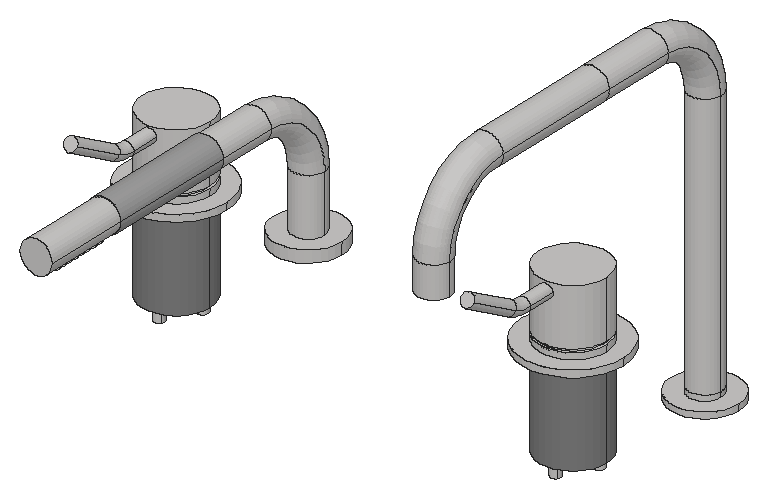
Revit family "500MT1-590M", category Generic Models, Revit 2021
Family settings
  Can host rebar = No
  Round Connector Dimension = Use Diameter
  Part Type = Normal
  Work Plane-Based = No
  Always vertical = Yes
  Cut with Voids When Loaded = No
  Shared = No
  Room Calculation Point = No
Parameters (values of type "Standard")
  e-mail = "info@vola.com"
  URL = "http://vola.com"
  Telephone = "+45 7023 5500"
  Quality management standard = "ISO 9001"
  Organisation no. / DUNS no. = "17531328"
  Occupational health and safety management standard = "ISO 18001"
  Mounting Instructions = "http://vola.com/service/producturl.ashx?name=500MT1-590M"
  Model = "500MT1-590M"
  Materials and components information = "http://vola.com/service/producturl.ashx?name=500MT1-590M"
  Manufacturer = "VOLA A/S"
  Maintenance Instructions = "http://vola.com/service/producturl.ashx?name=500MT1-590M"
  Guarantee = "2 years"
  Flow = "11,00 l/min"
  Environmental management standard = "ISO 14000"
  Default Elevation = 0.00 mm
  Connection - All relevant connections = "10mm flexible hose"
  Approvals = "http://vola.com/service/producturl.ashx?name=500MT1-590M"
Reference planes
  plane 1 "Center (Front/Back)": y = 0
  plane 2: z = 0
  plane 3 "Center (Left/Right)": x = 0
Dimensions and locks
  aligned and locked: plane 2 to level
Nested families
  nested 1: "T1" at (0, 0, 0), type "T1"
  nested 2: "500M" at (-78, 0, 0), type "500M"
  nested 3: "090" at (234, 0, 0), type "090"
  nested 4: "500M" at (156, 0, 0), type "500M"
Connectors
  piping at (-67.175, 6.25, -63), diameter 6
    settings: on nested 2, index 1, connector inside diameter 0.23622", connector length 0.00 mm, flow factor 0, pipe flow 0 GPM, pressure drop 0.00 psi, fitting loss kfactor 0, connector angle 0.00°, fixture units 0, engagement length 0.00 mm, angle of deflection 0.00°, flow configuration 0, flow direction 1, fitting loss method 0, system type 20, joint type 0, gender type 0, connector reference index -1, connector utility 0, adjustable connector no, is connector primary yes, connector description ""
  piping at (166.825, 6.25, -63), diameter 6
    settings: on nested 4, index 2, connector inside diameter 0.23622", connector length 0.00 mm, flow factor 0, pipe flow 0 GPM, pressure drop 0.00 psi, fitting loss kfactor 0, connector angle 0.00°, fixture units 0, engagement length 0.00 mm, angle of deflection 0.00°, flow configuration 0, flow direction 1, fitting loss method 0, system type 20, joint type 0, gender type 0, connector reference index -1, connector utility 0, adjustable connector no, is connector primary no, connector description ""
  piping at (-88.825, 6.25, -63), diameter 6
    settings: on nested 2, index 3, connector inside diameter 0.23622", connector length 0.00 mm, flow factor 0, pipe flow 0 GPM, pressure drop 0.00 psi, fitting loss kfactor 0, connector angle 0.00°, fixture units 0, engagement length 0.00 mm, angle of deflection 0.00°, flow configuration 0, flow direction 1, fitting loss method 0, system type 19, joint type 0, gender type 0, connector reference index -1, connector utility 0, adjustable connector no, is connector primary no, connector description ""
  piping at (145.175, 6.25, -63), diameter 6
    settings: on nested 4, index 4, connector inside diameter 0.23622", connector length 0.00 mm, flow factor 0, pipe flow 0 GPM, pressure drop 0.00 psi, fitting loss kfactor 0, connector angle 0.00°, fixture units 0, engagement length 0.00 mm, angle of deflection 0.00°, flow configuration 0, flow direction 1, fitting loss method 0, system type 19, joint type 0, gender type 0, connector reference index -1, connector utility 0, adjustable connector no, is connector primary no, connector description ""
Definition of nested family "T1"
  Parameters
    e-mail = "info@vola.com"
    URL = "http://vola.com"
    Telephone = "+45 7023 5500"
    Quality management standard = "ISO 9001"
    Organisation no. / DUNS no. = "17531328"
    Occupational health and safety management standard = "ISO 18001"
    Mounting Instructions = "http://vola.com/service/producturl.ashx?name=T1"
    Model = "T1"
    Materials and components information = "http://vola.com/service/producturl.ashx?name=T1"
    Manufacturer = "VOLA A/S"
    Maintenance Instructions = "http://vola.com/service/producturl.ashx?name=T1"
    Guarantee = "2 years"
    Environmental management standard = "ISO 14000"
    Default Elevation = 0.00 mm
    Connection - All relevant connections = ""
    Approvals = "http://vola.com/service/producturl.ashx?name=T1"
  Reference planes
    plane 1 "Center (Front/Back)": y = 0
    plane 2: z = 0
    plane 3 "Center (Left/Right)": x = 0
  Forms (mm)
    Extrusion 1, solid
      sketch origin (0, 0, 0) x (1, 0, 0) y (0, 1, 0)
        loop
          circle (0, 0) r 20
      from 0 to 7
    Sweep 2, solid
      path origin (0, 0, 0) x (0, 1, 0) y (0, 0, 1)
        loop
          line (0, 7) -> (0, 40.5)
          arc (0, 40.5) -> (-11.569, 68.431) -> (-39.5, 80) r 39.5
          line (-39.5, 80) -> (-75.5, 80)
      profile origin (0, 0, 23.75) x (0, -1, 0) y (1, 0, 0)
        loop
          circle (0, 0) r 9.5
    Extrusion 3, solid
      sketch origin (0, -75.5, 80) x (1, 0, 0) y (0, 0, 1)
        loop
          circle (0, 0) r 10
      from 0 to 75
    Extrusion 4, solid
      sketch origin (0, -150.5, 80) x (1, 0, 0) y (0, 0, 1)
        loop
          circle (0, 0) r 9.5
      from 0 to 50
    Extrusion 5, solid
      sketch origin (0, 9.25, 62.884) x (1, 0, 0) y (0, 1, 0)
        loop
          circle (0, -200.45) r 1.225
        loop
          circle (0, -195.95) r 1.225
        loop
          circle (0, -191.45) r 1.225
        loop
          circle (0, -186.95) r 1.225
        loop
          circle (0, -182.45) r 1.225
        loop
          circle (0, -177.95) r 1.225
        loop
          circle (0, -173.45) r 1.225
        loop
          circle (0, -168.95) r 1.225
      from 7.116 to 10.217
    Extrusion 6, solid
      sketch origin (8.298, 9.25, 65.03) x (-0.87462, 0, -0.48481) y (0, -1, 0)
        loop
          circle (0, 200.45) r 1.225
        loop
          circle (0, 195.95) r 1.225
        loop
          circle (0, 191.45) r 1.225
        loop
          circle (0, 186.95) r 1.225
        loop
          circle (0, 182.45) r 1.225
        loop
          circle (0, 177.95) r 1.225
        loop
          circle (0, 173.45) r 1.225
        loop
          circle (0, 168.95) r 1.225
      from 7.116 to 10.217
    Extrusion 7, solid
      sketch origin (-8.298, 9.25, 65.03) x (0.87462, 0, -0.48481) y (0, 1, 0)
        loop
          circle (0, -200.45) r 1.225
        loop
          circle (0, -195.95) r 1.225
        loop
          circle (0, -191.45) r 1.225
        loop
          circle (0, -186.95) r 1.225
        loop
          circle (0, -182.45) r 1.225
        loop
          circle (0, -177.95) r 1.225
        loop
          circle (0, -173.45) r 1.225
        loop
          circle (0, -168.95) r 1.225
      from 7.116 to 10.217
  Cuts and joins
    joined: Extrusion 4, Extrusion 5, Extrusion 6, Extrusion 7
  Dimensions and locks
    aligned and locked: plane 2 to level
Definition of nested family "500M"
  Parameters
    e-mail = "info@vola.com"
    URL = "http://vola.com"
    Telephone = "+45 7023 5500"
    Quality management standard = "ISO 9001"
    Organisation no. / DUNS no. = "17531328"
    Occupational health and safety management standard = "ISO 18001"
    Mounting Instructions = "http://vola.com/service/producturl.ashx?name=500M"
    Model = "500M"
    Materials and components information = "http://vola.com/service/producturl.ashx?name=500M"
    Manufacturer = "VOLA A/S"
    Maintenance Instructions = "http://vola.com/service/producturl.ashx?name=500M"
    Guarantee = "2 years"
    Flow = "14,50 l/min"
    Environmental management standard = "ISO 14000"
    Default Elevation = 0.00 mm
    Connection - All relevant connections = "10mm flexible hose"
    Approvals = "http://vola.com/service/producturl.ashx?name=500M"
  Reference planes
    plane 1 "Center (Front/Back)": y = 0
    plane 2: z = 0
    plane 3 "Center (Left/Right)": x = 0
  Forms (mm)
    Extrusion 1, solid
      sketch origin (0, 0, 0) x (1, 0, 0) y (0, 1, 0)
        loop
          circle (0, 0) r 30
      from 0 to 4
    Extrusion 2, solid
      sketch origin (0, 0, 7.5) x (1, 0, 0) y (0, 1, 0)
        loop
          circle (0, 0) r 18.25
      from 0 to 2
    Extrusion 3, solid
      sketch origin (0, 0, 9.5) x (1, 0, 0) y (0, 1, 0)
        loop
          circle (0, 0) r 20
      from 0 to 33.5
    Extrusion 4, solid
      sketch origin (0, 0, 0) x (0, 1, 0) y (1, 0, 0)
        loop
          circle (0, 0) r 20
      from 0 to 55
    Extrusion 5, solid
      sketch origin (0, 0, -55) x (0, 1, 0) y (1, 0, 0)
        loop
          circle (6.25, 10.825) r 3
        loop
          circle (6.25, -10.825) r 3
        loop
          circle (-12.5, 0) r 3
      from 0 to 8
    Extrusion 6, solid
      sketch origin (0, 0, 4) x (1, 0, 0) y (0, 1, 0)
        loop
          circle (0, 0) r 20
      from 0 to 3.5
    Sweep 7, solid
      path origin (0, 0, -79.5) x (0, 1, 0) y (0, 0, 1)
        loop
          line (0, 117.25) -> (-36.379, 117.25)
          arc (-36.379, 117.25) -> (-41.944, 117.983) -> (-47.129, 120.13) r 21.5
          line (-47.129, 120.13) -> (-77.44, 137.63)
      profile origin (0, -18.19, 37.75) x (0, 0, -1) y (1, 0, 0)
        loop
          circle (0, 0) r 4
  Cuts and joins
    joined: Extrusion 3, Sweep 7
  Lines and regions (mm)
    model lines
      curve 1: line (6.05, -19.063, 43) -> (6.05, 19.063, 43)
      curve 2: line (-6.05, -19.063, 43) -> (-6.05, 19.063, 43)
    reference lines
      curve 3: line (-10.825, 6.25, -55) -> (-10.825, 6.25, -80)
      curve 4: line (10.825, 6.25, -55) -> (10.825, 6.25, -80)
  Dimensions and locks
    aligned and locked: plane 2 to level
Definition of nested family "090"
  Parameters
    e-mail = "info@vola.com"
    URL = "http://vola.com"
    Telephone = "+45 7023 5500"
    Quality management standard = "ISO 9001"
    Organisation no. / DUNS no. = "17531328"
    Occupational health and safety management standard = "ISO 18001"
    Mounting Instructions = "http://vola.com/service/producturl.ashx?name=090"
    Model = "090"
    Materials and components information = "http://vola.com/service/producturl.ashx?name=090"
    Manufacturer = "VOLA A/S"
    Maintenance Instructions = "http://vola.com/service/producturl.ashx?name=090"
    Guarantee = "2 years"
    Environmental management standard = "ISO 14000"
    Default Elevation = 0.00 mm
    Connection - All relevant connections = ""
    Approvals = "http://vola.com/service/producturl.ashx?name=090"
  Reference planes
    plane 1 "Center (Front/Back)": y = 0
    plane 2: z = 0
    plane 3 "Center (Left/Right)": x = 0
  Forms (mm)
    Sweep 1, solid
      path origin (0, 0, 0) x (0, 1, 0) y (0, 0, 1)
        loop
          line (0, 6.5) -> (0, 163)
          arc (0, 163) -> (-11.423, 190.577) -> (-39, 202) r 39
          line (-39, 202) -> (-82.5, 202)
      profile origin (0, 0, 84.75) x (0, -1, 0) y (1, 0, 0)
        loop
          circle (0, 0) r 9.5
    Extrusion 2, solid
      sketch origin (0, 0, 0) x (1, 0, 0) y (0, 1, 0)
        loop
          circle (0, 0) r 20
      from 0 to 3.5
    Extrusion 3, solid
      sketch origin (0, 0, 3.5) x (1, 0, 0) y (0, 1, 0)
        loop
          circle (0, 0) r 9.5
      from 0 to 3
    Sweep 4, solid
      path origin (0, 0, 0) x (0, 1, 0) y (0, 0, 1)
        loop
          line (-82.5, 202) -> (-161, 202)
          arc (-161, 202) -> (-188.577, 190.577) -> (-200, 163) r 39
      profile origin (0, -121.75, 202) x (0, 0, -1) y (1, 0, 0)
        loop
          circle (0, 0) r 9.5
    Extrusion 5, solid
      sketch origin (0, -200, 163) x (0, -1, 0) y (-1, 0, 0)
        loop
          circle (0, 0) r 9.5
      from 0 to 18.5
  Cuts and joins
    joined: Sweep 1, Extrusion 2
  Dimensions and locks
    aligned and locked: plane 2 to level
